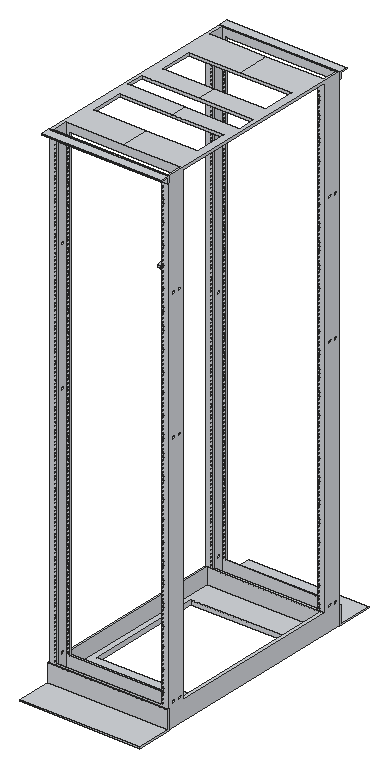
Revit family
Parameters
  Material ID = "760082586"
  Description = "36 IN (914 MM) D x 7 FT (2134 MM) H - 19 IN (482.6 MM) STEEL EQUIPMENT RACK(45U) 3/8 SQ PUNCH, BLACK\r\n"
Reference planes (in)
  plane 1 "Center (Front/Back)": y = 0
  plane 2: z = 0
  plane 3 "Center (Left/Right)": x = 0
Forms (in)
  Extrusion 1, solid, not visible
    sketch origin (0, -14.305, 0) x (1, 0, 0) y (0, 0, 1)
      loop
        line (-8.5516, 0.86) -> (-8.5516, 0.46) -> (-7.9516, 0.46) -> (-7.9516, 0.86) -> (-8.5516, 0.86)
    from 0 to 0.77696
  Extrusion 2, solid
    sketch origin (0, 0, 0) x (1, 0, 0) y (0, 0, 1)
      loop
        line (-10.135, 30) -> (-10.135, -54) -> (10.135, -54) -> (10.135, 30) -> (0, 30) -> (-10.135, 30)
    from 0 to 36
  Extrusion 3, void
    sketch origin (0, 0, 0) x (1, 0, 0) y (0, 0, 1)
      loop
        line (-8.905, 28.735) -> (-8.905, -50.62) -> (8.905, -50.62) -> (8.905, 28.735) -> (-8.905, 28.735)
    from 0 to 36
  Extrusion 4, void
    sketch origin (0, 0, 0) x (0, 1, 0) y (0, 0, 1)
      loop
        line (-3, 29.59068) -> (-33, 29.59068) -> (-33, -50.62) -> (-3, -50.62) -> (-3, 29.59068)
    from -31.70377 to 25
  Extrusion 5, void
    sketch origin (0, 0, 0) x (0, 1, 0) y (0, 0, 1)
      loop
        line (-0.2, 59.72052) -> (-2.8, 59.72052) -> (-2.8, -66.46573) -> (-0.2, -66.46573) -> (-0.2, 59.72052)
    from -9.61605 to 9.71756
  Extrusion 6, void
    sketch origin (0, -36, 0) x (0, -1, 0) y (0, 0, -1)
      loop
        line (-0.2, -59.72052) -> (-0.2, 63.44959) -> (-2.8, 63.44959) -> (-2.8, -59.72052) -> (-0.2, -59.72052)
    from -9.61605 to 9.71756
  Extrusion 7, solid
    sketch origin (0, 0, -24) x (0, 1, 0) y (0, 0, 1)
      loop
        line (-36, -30) -> (-36, -26.8) -> (-36.2, -26.8) -> (-36.2, -29.8) -> (-42.2, -29.8) -> (-42.2, -30) -> (-36, -30)
      loop
        line (-36, 54) -> (-37.575, 54) -> (-37.575, 53.8) -> (-36.2, 53.8) -> (-36.2, 52.94396) -> (-36, 52.94396) -> (-36, 54)
      loop
        line (0, 54) -> (0, 52.94396) -> (0.2, 52.94396) -> (0.2, 53.8) -> (1.575, 53.8) -> (1.575, 54) -> (0, 54)
      loop
        line (0, -30) -> (6.2, -30) -> (6.2, -29.8) -> (0.2, -29.8) -> (0.2, -26.8) -> (0, -26.8) -> (0, -30)
    from -10.155 to 10.155
  Extrusion 8, void
    sketch origin (0, 0, 0) x (1, 0, 0) y (0, 1, 0)
      loop
        line (8.81573, -8.40622) -> (-8.68427, -8.40622) -> (-8.68427, -13.90622) -> (8.81573, -13.90622) -> (8.81573, -8.40622)
      loop
        line (9.39397, -17.07974) -> (-9.60603, -17.07974) -> (-9.60603, -20.07974) -> (9.39397, -20.07974) -> (9.39397, -17.07974)
      loop
        line (8.81573, -22.79784) -> (-8.68427, -22.79784) -> (-8.68427, -28.29784) -> (8.81573, -28.29784) -> (8.81573, -22.79784)
    from 42.36078 to 15.5979
  Extrusion 9, void
    sketch origin (0, 0, 0) x (1, 0, 0) y (0, 1, 0)
      loop
        line (8.74608, -27.71462) -> (8.74608, -7.71462) -> (-8.75392, -7.71462) -> (-8.75392, -27.71462) -> (8.74608, -27.71462)
    from -63.44959 to 12
  Extrusion 10, void
    sketch origin (0, 0, 0) x (0, 1, 0) y (0, 0, 1)
      loop
        circle (-33.875, -50) r 0.335
      loop
        circle (-35.125, -50) r 0.335
      loop
        circle (-33.875, -10) r 0.335
      loop
        circle (-35.125, -10) r 0.335
      loop
        circle (-33.875, 12) r 0.335
      loop
        circle (-35.125, 12) r 0.335
      loop
        circle (-33.875, 51) r 0.335
      loop
        circle (-35.125, 51) r 0.335
      loop
        circle (-0.875, -50) r 0.335
      loop
        circle (-2.125, -50) r 0.335
      loop
        circle (-0.875, -10) r 0.335
      loop
        circle (-2.125, -10) r 0.335
      loop
        circle (-0.875, 12) r 0.335
      loop
        circle (-2.125, 12) r 0.335
      loop
        circle (-0.875, 51) r 0.335
      loop
        circle (-2.125, 51) r 0.335
    from -24.88707 to 25.18322
  Extrusion 11, void
    sketch origin (0, 0, 0) x (1, 0, 0) y (0, 1, 0)
      loop
        line (-9.68285, -32.8) -> (9.56715, -32.8) -> (9.56715, -3.2) -> (-9.68285, -3.2) -> (-9.68285, -32.8)
    from -53.24657 to -47.40534
  Extrusion 12, void
    sketch origin (0, 0, -24.5) x (1, 0, 0) y (0, 0, 1)
      loop
        line (-9.175, 52.604) -> (-9.264, 52.604) -> (-9.264, 52.515) -> (-9.264, 52.426) -> (-9.175, 52.426) -> (-9.086, 52.426) -> (-9.086, 52.604) -> (-9.175, 52.604)
      loop
        line (-9.175, 51.979) -> (-9.264, 51.979) -> (-9.264, 51.89) -> (-9.264, 51.801) -> (-9.175, 51.801) -> (-9.086, 51.801) -> (-9.086, 51.979) -> (-9.175, 51.979)
      loop
        line (-9.175, 51.354) -> (-9.264, 51.354) -> (-9.264, 51.265) -> (-9.264, 51.176) -> (-9.175, 51.176) -> (-9.086, 51.176) -> (-9.086, 51.354) -> (-9.175, 51.354)
      loop
        line (9.175, 52.604) -> (9.086, 52.604) -> (9.086, 52.426) -> (9.175, 52.426) -> (9.264, 52.426) -> (9.264, 52.515) -> (9.264, 52.604) -> (9.175, 52.604)
      loop
        line (9.175, 51.979) -> (9.086, 51.979) -> (9.086, 51.801) -> (9.175, 51.801) -> (9.264, 51.801) -> (9.264, 51.89) -> (9.264, 51.979) -> (9.175, 51.979)
      loop
        line (9.175, 51.354) -> (9.086, 51.354) -> (9.086, 51.176) -> (9.175, 51.176) -> (9.264, 51.176) -> (9.264, 51.265) -> (9.264, 51.354) -> (9.175, 51.354)
    from 0 to 36
  Extrusion 13, void
    sketch origin (0, 0, -28) x (1, 0, 0) y (0, 0, 1)
      loop
        circle (-9.175, 52.515) r 0.089
      loop
        circle (-9.175, 51.89) r 0.089
      loop
        circle (-9.175, 51.265) r 0.089
      loop
        circle (9.175, 52.515) r 0.089
      loop
        circle (9.175, 51.89) r 0.089
      loop
        circle (9.175, 51.265) r 0.089
    from 0 to 36
  Extrusion 14, void
    sketch origin (0, 0, -29.75) x (1, 0, 0) y (0, 0, 1)
      loop
        circle (-9.175, 52.515) r 0.089
      loop
        circle (-9.175, 51.89) r 0.089
      loop
        circle (-9.175, 51.265) r 0.089
      loop
        circle (9.175, 52.515) r 0.089
      loop
        circle (9.175, 51.89) r 0.089
      loop
        circle (9.175, 51.265) r 0.089
    from 0 to 36
  Extrusion 15, void
    sketch origin (0, 0, -31.5) x (1, 0, 0) y (0, 0, 1)
      loop
        circle (-9.175, 52.515) r 0.089
      loop
        circle (-9.175, 51.89) r 0.089
      loop
        circle (-9.175, 51.265) r 0.089
      loop
        circle (9.175, 52.515) r 0.089
      loop
        circle (9.175, 51.89) r 0.089
      loop
        circle (9.175, 51.265) r 0.089
    from 0 to 36
  Extrusion 16, void
    sketch origin (0, 0, -33.25) x (1, 0, 0) y (0, 0, 1)
      loop
        circle (-9.175, 52.515) r 0.089
      loop
        circle (-9.175, 51.89) r 0.089
      loop
        circle (-9.175, 51.265) r 0.089
      loop
        circle (9.175, 52.515) r 0.089
      loop
        circle (9.175, 51.89) r 0.089
      loop
        circle (9.175, 51.265) r 0.089
    from 0 to 36
  Extrusion 17, void
    sketch origin (0, 0, -35) x (1, 0, 0) y (0, 0, 1)
      loop
        circle (-9.175, 52.515) r 0.089
      loop
        circle (-9.175, 51.89) r 0.089
      loop
        circle (-9.175, 51.265) r 0.089
      loop
        circle (9.175, 52.515) r 0.089
      loop
        circle (9.175, 51.89) r 0.089
      loop
        circle (9.175, 51.265) r 0.089
    from 0 to 36
  Extrusion 18, void
    sketch origin (0, 0, -36.75) x (1, 0, 0) y (0, 0, 1)
      loop
        circle (-9.175, 52.515) r 0.089
      loop
        circle (-9.175, 51.89) r 0.089
      loop
        circle (-9.175, 51.265) r 0.089
      loop
        circle (9.175, 52.515) r 0.089
      loop
        circle (9.175, 51.89) r 0.089
      loop
        circle (9.175, 51.265) r 0.089
    from 0 to 36
  Extrusion 19, void
    sketch origin (0, 0, -38.5) x (1, 0, 0) y (0, 0, 1)
      loop
        circle (-9.175, 52.515) r 0.089
      loop
        circle (-9.175, 51.89) r 0.089
      loop
        circle (-9.175, 51.265) r 0.089
      loop
        circle (9.175, 52.515) r 0.089
      loop
        circle (9.175, 51.89) r 0.089
      loop
        circle (9.175, 51.265) r 0.089
    from 0 to 36
  Extrusion 20, void
    sketch origin (0, 0, -40.25) x (1, 0, 0) y (0, 0, 1)
      loop
        circle (-9.175, 52.515) r 0.089
      loop
        circle (-9.175, 51.89) r 0.089
      loop
        circle (-9.175, 51.265) r 0.089
      loop
        circle (9.175, 52.515) r 0.089
      loop
        circle (9.175, 51.89) r 0.089
      loop
        circle (9.175, 51.265) r 0.089
    from 0 to 36
  Extrusion 21, void
    sketch origin (0, 0, -42) x (1, 0, 0) y (0, 0, 1)
      loop
        circle (-9.175, 52.515) r 0.089
      loop
        circle (-9.175, 51.89) r 0.089
      loop
        circle (-9.175, 51.265) r 0.089
      loop
        circle (9.175, 52.515) r 0.089
      loop
        circle (9.175, 51.89) r 0.089
      loop
        circle (9.175, 51.265) r 0.089
    from 0 to 36
  Extrusion 22, void
    sketch origin (0, 0, -43.75) x (1, 0, 0) y (0, 0, 1)
      loop
        circle (-9.175, 52.515) r 0.089
      loop
        circle (-9.175, 51.89) r 0.089
      loop
        circle (-9.175, 51.265) r 0.089
      loop
        circle (9.175, 52.515) r 0.089
      loop
        circle (9.175, 51.89) r 0.089
      loop
        circle (9.175, 51.265) r 0.089
    from 0 to 36
  Extrusion 23, void
    sketch origin (0, 0, -45.5) x (1, 0, 0) y (0, 0, 1)
      loop
        circle (-9.175, 52.515) r 0.089
      loop
        circle (-9.175, 51.89) r 0.089
      loop
        circle (-9.175, 51.265) r 0.089
      loop
        circle (9.175, 52.515) r 0.089
      loop
        circle (9.175, 51.89) r 0.089
      loop
        circle (9.175, 51.265) r 0.089
    from 0 to 36
  Extrusion 24, void
    sketch origin (0, 0, -47.25) x (1, 0, 0) y (0, 0, 1)
      loop
        circle (-9.175, 52.515) r 0.089
      loop
        circle (-9.175, 51.89) r 0.089
      loop
        circle (-9.175, 51.265) r 0.089
      loop
        circle (9.175, 52.515) r 0.089
      loop
        circle (9.175, 51.89) r 0.089
      loop
        circle (9.175, 51.265) r 0.089
    from 0 to 36
  Extrusion 25, void
    sketch origin (0, 0, -49) x (1, 0, 0) y (0, 0, 1)
      loop
        circle (-9.175, 52.515) r 0.089
      loop
        circle (-9.175, 51.89) r 0.089
      loop
        circle (-9.175, 51.265) r 0.089
      loop
        circle (9.175, 52.515) r 0.089
      loop
        circle (9.175, 51.89) r 0.089
      loop
        circle (9.175, 51.265) r 0.089
    from 0 to 36
  Extrusion 26, void
    sketch origin (0, 0, -50.75) x (1, 0, 0) y (0, 0, 1)
      loop
        circle (-9.175, 52.515) r 0.089
      loop
        circle (-9.175, 51.89) r 0.089
      loop
        circle (-9.175, 51.265) r 0.089
      loop
        circle (9.175, 52.515) r 0.089
      loop
        circle (9.175, 51.89) r 0.089
      loop
        circle (9.175, 51.265) r 0.089
    from 0 to 36
  Extrusion 27, void
    sketch origin (0, 0, -52.5) x (1, 0, 0) y (0, 0, 1)
      loop
        circle (-9.175, 52.515) r 0.089
      loop
        circle (-9.175, 51.89) r 0.089
      loop
        circle (-9.175, 51.265) r 0.089
      loop
        circle (9.175, 52.515) r 0.089
      loop
        circle (9.175, 51.89) r 0.089
      loop
        circle (9.175, 51.265) r 0.089
    from 0 to 36
  Extrusion 28, void
    sketch origin (0, 0, -54.25) x (1, 0, 0) y (0, 0, 1)
      loop
        circle (-9.175, 52.515) r 0.089
      loop
        circle (-9.175, 51.89) r 0.089
      loop
        circle (-9.175, 51.265) r 0.089
      loop
        circle (9.175, 52.515) r 0.089
      loop
        circle (9.175, 51.89) r 0.089
      loop
        circle (9.175, 51.265) r 0.089
    from 0 to 36
  Extrusion 29, void
    sketch origin (0, 0, -56) x (1, 0, 0) y (0, 0, 1)
      loop
        circle (-9.175, 52.515) r 0.089
      loop
        circle (-9.175, 51.89) r 0.089
      loop
        circle (-9.175, 51.265) r 0.089
      loop
        circle (9.175, 52.515) r 0.089
      loop
        circle (9.175, 51.89) r 0.089
      loop
        circle (9.175, 51.265) r 0.089
    from 0 to 36
  Extrusion 30, void
    sketch origin (0, 0, -57.75) x (1, 0, 0) y (0, 0, 1)
      loop
        circle (-9.175, 52.515) r 0.089
      loop
        circle (-9.175, 51.89) r 0.089
      loop
        circle (-9.175, 51.265) r 0.089
      loop
        circle (9.175, 52.515) r 0.089
      loop
        circle (9.175, 51.89) r 0.089
      loop
        circle (9.175, 51.265) r 0.089
    from 0 to 36
  Extrusion 31, void
    sketch origin (0, 0, -59.5) x (1, 0, 0) y (0, 0, 1)
      loop
        circle (-9.175, 52.515) r 0.089
      loop
        circle (-9.175, 51.89) r 0.089
      loop
        circle (-9.175, 51.265) r 0.089
      loop
        circle (9.175, 52.515) r 0.089
      loop
        circle (9.175, 51.89) r 0.089
      loop
        circle (9.175, 51.265) r 0.089
    from 0 to 36
  Extrusion 32, void
    sketch origin (0, 0, -61.25) x (1, 0, 0) y (0, 0, 1)
      loop
        circle (-9.175, 52.515) r 0.089
      loop
        circle (-9.175, 51.89) r 0.089
      loop
        circle (-9.175, 51.265) r 0.089
      loop
        circle (9.175, 52.515) r 0.089
      loop
        circle (9.175, 51.89) r 0.089
      loop
        circle (9.175, 51.265) r 0.089
    from 0 to 36
  Extrusion 33, void
    sketch origin (0, 0, -63) x (1, 0, 0) y (0, 0, 1)
      loop
        circle (-9.175, 52.515) r 0.089
      loop
        circle (-9.175, 51.89) r 0.089
      loop
        circle (-9.175, 51.265) r 0.089
      loop
        circle (9.175, 52.515) r 0.089
      loop
        circle (9.175, 51.89) r 0.089
      loop
        circle (9.175, 51.265) r 0.089
    from 0 to 36
  Extrusion 34, void
    sketch origin (0, 0, -64.75) x (1, 0, 0) y (0, 0, 1)
      loop
        circle (-9.175, 52.515) r 0.089
      loop
        circle (-9.175, 51.89) r 0.089
      loop
        circle (-9.175, 51.265) r 0.089
      loop
        circle (9.175, 52.515) r 0.089
      loop
        circle (9.175, 51.89) r 0.089
      loop
        circle (9.175, 51.265) r 0.089
    from 0 to 36
  Extrusion 35, void
    sketch origin (0, 0, -66.5) x (1, 0, 0) y (0, 0, 1)
      loop
        circle (-9.175, 52.515) r 0.089
      loop
        circle (-9.175, 51.89) r 0.089
      loop
        circle (-9.175, 51.265) r 0.089
      loop
        circle (9.175, 52.515) r 0.089
      loop
        circle (9.175, 51.89) r 0.089
      loop
        circle (9.175, 51.265) r 0.089
    from 0 to 36
  Extrusion 36, void
    sketch origin (0, 0, -68.25) x (1, 0, 0) y (0, 0, 1)
      loop
        circle (-9.175, 52.515) r 0.089
      loop
        circle (-9.175, 51.89) r 0.089
      loop
        circle (-9.175, 51.265) r 0.089
      loop
        circle (9.175, 52.515) r 0.089
      loop
        circle (9.175, 51.89) r 0.089
      loop
        circle (9.175, 51.265) r 0.089
    from 0 to 36
  Extrusion 37, void
    sketch origin (0, 0, -70) x (1, 0, 0) y (0, 0, 1)
      loop
        circle (-9.175, 52.515) r 0.089
      loop
        circle (-9.175, 51.89) r 0.089
      loop
        circle (-9.175, 51.265) r 0.089
      loop
        circle (9.175, 52.515) r 0.089
      loop
        circle (9.175, 51.89) r 0.089
      loop
        circle (9.175, 51.265) r 0.089
    from 0 to 36
  Extrusion 38, void
    sketch origin (0, 0, -71.75) x (1, 0, 0) y (0, 0, 1)
      loop
        circle (-9.175, 52.515) r 0.089
      loop
        circle (-9.175, 51.89) r 0.089
      loop
        circle (-9.175, 51.265) r 0.089
      loop
        circle (9.175, 52.515) r 0.089
      loop
        circle (9.175, 51.89) r 0.089
      loop
        circle (9.175, 51.265) r 0.089
    from 0 to 36
  Extrusion 39, void
    sketch origin (0, 0, -73.5) x (1, 0, 0) y (0, 0, 1)
      loop
        circle (-9.175, 52.515) r 0.089
      loop
        circle (-9.175, 51.89) r 0.089
      loop
        circle (-9.175, 51.265) r 0.089
      loop
        circle (9.175, 52.515) r 0.089
      loop
        circle (9.175, 51.89) r 0.089
      loop
        circle (9.175, 51.265) r 0.089
    from 0 to 36
  Extrusion 40, void
    sketch origin (0, 0, -75.25) x (1, 0, 0) y (0, 0, 1)
      loop
        circle (-9.175, 52.515) r 0.089
      loop
        circle (-9.175, 51.89) r 0.089
      loop
        circle (-9.175, 51.265) r 0.089
      loop
        circle (9.175, 52.515) r 0.089
      loop
        circle (9.175, 51.89) r 0.089
      loop
        circle (9.175, 51.265) r 0.089
    from 0 to 36
  Extrusion 41, void
    sketch origin (0, 0, -77) x (1, 0, 0) y (0, 0, 1)
      loop
        circle (-9.175, 52.515) r 0.089
      loop
        circle (-9.175, 51.89) r 0.089
      loop
        circle (-9.175, 51.265) r 0.089
      loop
        circle (9.175, 52.515) r 0.089
      loop
        circle (9.175, 51.89) r 0.089
      loop
        circle (9.175, 51.265) r 0.089
    from 0 to 36
  Extrusion 42, void
    sketch origin (0, 0, -78.75) x (1, 0, 0) y (0, 0, 1)
      loop
        circle (-9.175, 52.515) r 0.089
      loop
        circle (-9.175, 51.89) r 0.089
      loop
        circle (-9.175, 51.265) r 0.089
      loop
        circle (9.175, 52.515) r 0.089
      loop
        circle (9.175, 51.89) r 0.089
      loop
        circle (9.175, 51.265) r 0.089
    from 0 to 36
  Extrusion 43, void
    sketch origin (0, 0, -80.5) x (1, 0, 0) y (0, 0, 1)
      loop
        circle (-9.175, 52.515) r 0.089
      loop
        circle (-9.175, 51.89) r 0.089
      loop
        circle (-9.175, 51.265) r 0.089
      loop
        circle (9.175, 52.515) r 0.089
      loop
        circle (9.175, 51.89) r 0.089
      loop
        circle (9.175, 51.265) r 0.089
    from 0 to 36
  Extrusion 44, void
    sketch origin (0, 0, -82.25) x (1, 0, 0) y (0, 0, 1)
      loop
        circle (-9.175, 52.515) r 0.089
      loop
        circle (-9.175, 51.89) r 0.089
      loop
        circle (-9.175, 51.265) r 0.089
      loop
        circle (9.175, 52.515) r 0.089
      loop
        circle (9.175, 51.89) r 0.089
      loop
        circle (9.175, 51.265) r 0.089
    from 0 to 36
  Extrusion 45, void
    sketch origin (0, 0, -84) x (1, 0, 0) y (0, 0, 1)
      loop
        circle (-9.175, 52.515) r 0.089
      loop
        circle (-9.175, 51.89) r 0.089
      loop
        circle (-9.175, 51.265) r 0.089
      loop
        circle (9.175, 52.515) r 0.089
      loop
        circle (9.175, 51.89) r 0.089
      loop
        circle (9.175, 51.265) r 0.089
    from 0 to 36
  Extrusion 46, void
    sketch origin (0, 0, -85.75) x (1, 0, 0) y (0, 0, 1)
      loop
        circle (-9.175, 52.515) r 0.089
      loop
        circle (-9.175, 51.89) r 0.089
      loop
        circle (-9.175, 51.265) r 0.089
      loop
        circle (9.175, 52.515) r 0.089
      loop
        circle (9.175, 51.89) r 0.089
      loop
        circle (9.175, 51.265) r 0.089
    from 0 to 36
  Extrusion 47, void
    sketch origin (0, 0, -87.5) x (1, 0, 0) y (0, 0, 1)
      loop
        circle (-9.175, 52.515) r 0.089
      loop
        circle (-9.175, 51.89) r 0.089
      loop
        circle (-9.175, 51.265) r 0.089
      loop
        circle (9.175, 52.515) r 0.089
      loop
        circle (9.175, 51.89) r 0.089
      loop
        circle (9.175, 51.265) r 0.089
    from 0 to 36
  Extrusion 48, void
    sketch origin (0, 0, -89.25) x (1, 0, 0) y (0, 0, 1)
      loop
        circle (-9.175, 52.515) r 0.089
      loop
        circle (-9.175, 51.89) r 0.089
      loop
        circle (-9.175, 51.265) r 0.089
      loop
        circle (9.175, 52.515) r 0.089
      loop
        circle (9.175, 51.89) r 0.089
      loop
        circle (9.175, 51.265) r 0.089
    from 0 to 36
  Extrusion 49, void
    sketch origin (0, 0, -91) x (1, 0, 0) y (0, 0, 1)
      loop
        circle (-9.175, 52.515) r 0.089
      loop
        circle (-9.175, 51.89) r 0.089
      loop
        circle (-9.175, 51.265) r 0.089
      loop
        circle (9.175, 52.515) r 0.089
      loop
        circle (9.175, 51.89) r 0.089
      loop
        circle (9.175, 51.265) r 0.089
    from 0 to 36
  Extrusion 50, void
    sketch origin (0, 0, -92.75) x (1, 0, 0) y (0, 0, 1)
      loop
        circle (-9.175, 52.515) r 0.089
      loop
        circle (-9.175, 51.89) r 0.089
      loop
        circle (-9.175, 51.265) r 0.089
      loop
        circle (9.175, 52.515) r 0.089
      loop
        circle (9.175, 51.89) r 0.089
      loop
        circle (9.175, 51.265) r 0.089
    from 0 to 36
  Extrusion 51, void
    sketch origin (0, 0, -94.5) x (1, 0, 0) y (0, 0, 1)
      loop
        circle (-9.175, 52.515) r 0.089
      loop
        circle (-9.175, 51.89) r 0.089
      loop
        circle (-9.175, 51.265) r 0.089
      loop
        circle (9.175, 52.515) r 0.089
      loop
        circle (9.175, 51.89) r 0.089
      loop
        circle (9.175, 51.265) r 0.089
    from 0 to 36
  Extrusion 52, void
    sketch origin (0, 0, -96.25) x (1, 0, 0) y (0, 0, 1)
      loop
        circle (-9.175, 52.515) r 0.089
      loop
        circle (-9.175, 51.89) r 0.089
      loop
        circle (-9.175, 51.265) r 0.089
      loop
        circle (9.175, 52.515) r 0.089
      loop
        circle (9.175, 51.89) r 0.089
      loop
        circle (9.175, 51.265) r 0.089
    from 0 to 36
  Extrusion 53, void
    sketch origin (0, 0, -98) x (1, 0, 0) y (0, 0, 1)
      loop
        circle (-9.175, 52.515) r 0.089
      loop
        circle (-9.175, 51.89) r 0.089
      loop
        circle (-9.175, 51.265) r 0.089
      loop
        circle (9.175, 52.515) r 0.089
      loop
        circle (9.175, 51.89) r 0.089
      loop
        circle (9.175, 51.265) r 0.089
    from 0 to 36
  Extrusion 54, void
    sketch origin (0, 0, -99.75) x (1, 0, 0) y (0, 0, 1)
      loop
        circle (-9.175, 52.515) r 0.089
      loop
        circle (-9.175, 51.89) r 0.089
      loop
        circle (-9.175, 51.265) r 0.089
      loop
        circle (9.175, 52.515) r 0.089
      loop
        circle (9.175, 51.89) r 0.089
      loop
        circle (9.175, 51.265) r 0.089
    from 0 to 36
  Extrusion 55, void
    sketch origin (0, 0, -101.5) x (1, 0, 0) y (0, 0, 1)
      loop
        circle (-9.175, 52.515) r 0.089
      loop
        circle (-9.175, 51.89) r 0.089
      loop
        circle (-9.175, 51.265) r 0.089
      loop
        circle (9.175, 52.515) r 0.089
      loop
        circle (9.175, 51.89) r 0.089
      loop
        circle (9.175, 51.265) r 0.089
    from 0 to 36
  Extrusion 56, void
    sketch origin (0, 0, -26.25) x (1, 0, 0) y (0, 0, 1)
      loop
        line (-9.175, 52.604) -> (-9.264, 52.604) -> (-9.264, 52.515) -> (-9.264, 52.426) -> (-9.175, 52.426) -> (-9.086, 52.426) -> (-9.086, 52.604) -> (-9.175, 52.604)
      loop
        line (-9.175, 51.979) -> (-9.264, 51.979) -> (-9.264, 51.89) -> (-9.264, 51.801) -> (-9.175, 51.801) -> (-9.086, 51.801) -> (-9.086, 51.979) -> (-9.175, 51.979)
      loop
        line (-9.175, 51.354) -> (-9.264, 51.354) -> (-9.264, 51.265) -> (-9.264, 51.176) -> (-9.175, 51.176) -> (-9.086, 51.176) -> (-9.086, 51.354) -> (-9.175, 51.354)
      loop
        line (9.175, 52.604) -> (9.086, 52.604) -> (9.086, 52.426) -> (9.175, 52.426) -> (9.264, 52.426) -> (9.264, 52.515) -> (9.264, 52.604) -> (9.175, 52.604)
      loop
        line (9.175, 51.979) -> (9.086, 51.979) -> (9.086, 51.801) -> (9.175, 51.801) -> (9.264, 51.801) -> (9.264, 51.89) -> (9.264, 51.979) -> (9.175, 51.979)
      loop
        line (9.175, 51.354) -> (9.086, 51.354) -> (9.086, 51.176) -> (9.175, 51.176) -> (9.264, 51.176) -> (9.264, 51.265) -> (9.264, 51.354) -> (9.175, 51.354)
    from 0 to 36
  Extrusion 57, void
    sketch origin (0, 0, -28) x (1, 0, 0) y (0, 0, 1)
      loop
        line (-9.175, 52.604) -> (-9.264, 52.604) -> (-9.264, 52.515) -> (-9.264, 52.426) -> (-9.175, 52.426) -> (-9.086, 52.426) -> (-9.086, 52.604) -> (-9.175, 52.604)
      loop
        line (-9.175, 51.979) -> (-9.264, 51.979) -> (-9.264, 51.89) -> (-9.264, 51.801) -> (-9.175, 51.801) -> (-9.086, 51.801) -> (-9.086, 51.979) -> (-9.175, 51.979)
      loop
        line (-9.175, 51.354) -> (-9.264, 51.354) -> (-9.264, 51.265) -> (-9.264, 51.176) -> (-9.175, 51.176) -> (-9.086, 51.176) -> (-9.086, 51.354) -> (-9.175, 51.354)
      loop
        line (9.175, 52.604) -> (9.086, 52.604) -> (9.086, 52.426) -> (9.175, 52.426) -> (9.264, 52.426) -> (9.264, 52.515) -> (9.264, 52.604) -> (9.175, 52.604)
      loop
        line (9.175, 51.979) -> (9.086, 51.979) -> (9.086, 51.801) -> (9.175, 51.801) -> (9.264, 51.801) -> (9.264, 51.89) -> (9.264, 51.979) -> (9.175, 51.979)
      loop
        line (9.175, 51.354) -> (9.086, 51.354) -> (9.086, 51.176) -> (9.175, 51.176) -> (9.264, 51.176) -> (9.264, 51.265) -> (9.264, 51.354) -> (9.175, 51.354)
    from 0 to 36
  Extrusion 58, void
    sketch origin (0, 0, -29.75) x (1, 0, 0) y (0, 0, 1)
      loop
        line (-9.175, 52.604) -> (-9.264, 52.604) -> (-9.264, 52.515) -> (-9.264, 52.426) -> (-9.175, 52.426) -> (-9.086, 52.426) -> (-9.086, 52.604) -> (-9.175, 52.604)
      loop
        line (-9.175, 51.979) -> (-9.264, 51.979) -> (-9.264, 51.89) -> (-9.264, 51.801) -> (-9.175, 51.801) -> (-9.086, 51.801) -> (-9.086, 51.979) -> (-9.175, 51.979)
      loop
        line (-9.175, 51.354) -> (-9.264, 51.354) -> (-9.264, 51.265) -> (-9.264, 51.176) -> (-9.175, 51.176) -> (-9.086, 51.176) -> (-9.086, 51.354) -> (-9.175, 51.354)
      loop
        line (9.175, 52.604) -> (9.086, 52.604) -> (9.086, 52.426) -> (9.175, 52.426) -> (9.264, 52.426) -> (9.264, 52.515) -> (9.264, 52.604) -> (9.175, 52.604)
      loop
        line (9.175, 51.979) -> (9.086, 51.979) -> (9.086, 51.801) -> (9.175, 51.801) -> (9.264, 51.801) -> (9.264, 51.89) -> (9.264, 51.979) -> (9.175, 51.979)
      loop
        line (9.175, 51.354) -> (9.086, 51.354) -> (9.086, 51.176) -> (9.175, 51.176) -> (9.264, 51.176) -> (9.264, 51.265) -> (9.264, 51.354) -> (9.175, 51.354)
    from 0 to 36
  Extrusion 59, void
    sketch origin (0, 0, -31.5) x (1, 0, 0) y (0, 0, 1)
      loop
        line (-9.175, 52.604) -> (-9.264, 52.604) -> (-9.264, 52.515) -> (-9.264, 52.426) -> (-9.175, 52.426) -> (-9.086, 52.426) -> (-9.086, 52.604) -> (-9.175, 52.604)
      loop
        line (-9.175, 51.979) -> (-9.264, 51.979) -> (-9.264, 51.89) -> (-9.264, 51.801) -> (-9.175, 51.801) -> (-9.086, 51.801) -> (-9.086, 51.979) -> (-9.175, 51.979)
      loop
        line (-9.175, 51.354) -> (-9.264, 51.354) -> (-9.264, 51.265) -> (-9.264, 51.176) -> (-9.175, 51.176) -> (-9.086, 51.176) -> (-9.086, 51.354) -> (-9.175, 51.354)
      loop
        line (9.175, 52.604) -> (9.086, 52.604) -> (9.086, 52.426) -> (9.175, 52.426) -> (9.264, 52.426) -> (9.264, 52.515) -> (9.264, 52.604) -> (9.175, 52.604)
      loop
        line (9.175, 51.979) -> (9.086, 51.979) -> (9.086, 51.801) -> (9.175, 51.801) -> (9.264, 51.801) -> (9.264, 51.89) -> (9.264, 51.979) -> (9.175, 51.979)
      loop
        line (9.175, 51.354) -> (9.086, 51.354) -> (9.086, 51.176) -> (9.175, 51.176) -> (9.264, 51.176) -> (9.264, 51.265) -> (9.264, 51.354) -> (9.175, 51.354)
    from 0 to 36
  Extrusion 60, void
    sketch origin (0, 0, -33.25) x (1, 0, 0) y (0, 0, 1)
      loop
        line (-9.175, 52.604) -> (-9.264, 52.604) -> (-9.264, 52.515) -> (-9.264, 52.426) -> (-9.175, 52.426) -> (-9.086, 52.426) -> (-9.086, 52.604) -> (-9.175, 52.604)
      loop
        line (-9.175, 51.979) -> (-9.264, 51.979) -> (-9.264, 51.89) -> (-9.264, 51.801) -> (-9.175, 51.801) -> (-9.086, 51.801) -> (-9.086, 51.979) -> (-9.175, 51.979)
      loop
        line (-9.175, 51.354) -> (-9.264, 51.354) -> (-9.264, 51.265) -> (-9.264, 51.176) -> (-9.175, 51.176) -> (-9.086, 51.176) -> (-9.086, 51.354) -> (-9.175, 51.354)
      loop
        line (9.175, 52.604) -> (9.086, 52.604) -> (9.086, 52.426) -> (9.175, 52.426) -> (9.264, 52.426) -> (9.264, 52.515) -> (9.264, 52.604) -> (9.175, 52.604)
      loop
        line (9.175, 51.979) -> (9.086, 51.979) -> (9.086, 51.801) -> (9.175, 51.801) -> (9.264, 51.801) -> (9.264, 51.89) -> (9.264, 51.979) -> (9.175, 51.979)
      loop
        line (9.175, 51.354) -> (9.086, 51.354) -> (9.086, 51.176) -> (9.175, 51.176) -> (9.264, 51.176) -> (9.264, 51.265) -> (9.264, 51.354) -> (9.175, 51.354)
    from 0 to 36
  Extrusion 61, void
    sketch origin (0, 0, -35) x (1, 0, 0) y (0, 0, 1)
      loop
        line (-9.175, 52.604) -> (-9.264, 52.604) -> (-9.264, 52.515) -> (-9.264, 52.426) -> (-9.175, 52.426) -> (-9.086, 52.426) -> (-9.086, 52.604) -> (-9.175, 52.604)
      loop
        line (-9.175, 51.979) -> (-9.264, 51.979) -> (-9.264, 51.89) -> (-9.264, 51.801) -> (-9.175, 51.801) -> (-9.086, 51.801) -> (-9.086, 51.979) -> (-9.175, 51.979)
      loop
        line (-9.175, 51.354) -> (-9.264, 51.354) -> (-9.264, 51.265) -> (-9.264, 51.176) -> (-9.175, 51.176) -> (-9.086, 51.176) -> (-9.086, 51.354) -> (-9.175, 51.354)
      loop
        line (9.175, 52.604) -> (9.086, 52.604) -> (9.086, 52.426) -> (9.175, 52.426) -> (9.264, 52.426) -> (9.264, 52.515) -> (9.264, 52.604) -> (9.175, 52.604)
      loop
        line (9.175, 51.979) -> (9.086, 51.979) -> (9.086, 51.801) -> (9.175, 51.801) -> (9.264, 51.801) -> (9.264, 51.89) -> (9.264, 51.979) -> (9.175, 51.979)
      loop
        line (9.175, 51.354) -> (9.086, 51.354) -> (9.086, 51.176) -> (9.175, 51.176) -> (9.264, 51.176) -> (9.264, 51.265) -> (9.264, 51.354) -> (9.175, 51.354)
    from 0 to 36
  Extrusion 62, void
    sketch origin (0, 0, -36.75) x (1, 0, 0) y (0, 0, 1)
      loop
        line (-9.175, 52.604) -> (-9.264, 52.604) -> (-9.264, 52.515) -> (-9.264, 52.426) -> (-9.175, 52.426) -> (-9.086, 52.426) -> (-9.086, 52.604) -> (-9.175, 52.604)
      loop
        line (-9.175, 51.979) -> (-9.264, 51.979) -> (-9.264, 51.89) -> (-9.264, 51.801) -> (-9.175, 51.801) -> (-9.086, 51.801) -> (-9.086, 51.979) -> (-9.175, 51.979)
      loop
        line (-9.175, 51.354) -> (-9.264, 51.354) -> (-9.264, 51.265) -> (-9.264, 51.176) -> (-9.175, 51.176) -> (-9.086, 51.176) -> (-9.086, 51.354) -> (-9.175, 51.354)
      loop
        line (9.175, 52.604) -> (9.086, 52.604) -> (9.086, 52.426) -> (9.175, 52.426) -> (9.264, 52.426) -> (9.264, 52.515) -> (9.264, 52.604) -> (9.175, 52.604)
      loop
        line (9.175, 51.979) -> (9.086, 51.979) -> (9.086, 51.801) -> (9.175, 51.801) -> (9.264, 51.801) -> (9.264, 51.89) -> (9.264, 51.979) -> (9.175, 51.979)
      loop
        line (9.175, 51.354) -> (9.086, 51.354) -> (9.086, 51.176) -> (9.175, 51.176) -> (9.264, 51.176) -> (9.264, 51.265) -> (9.264, 51.354) -> (9.175, 51.354)
    from 0 to 36
  Extrusion 63, void
    sketch origin (0, 0, -38.5) x (1, 0, 0) y (0, 0, 1)
      loop
        line (-9.175, 52.604) -> (-9.264, 52.604) -> (-9.264, 52.515) -> (-9.264, 52.426) -> (-9.175, 52.426) -> (-9.086, 52.426) -> (-9.086, 52.604) -> (-9.175, 52.604)
      loop
        line (-9.175, 51.979) -> (-9.264, 51.979) -> (-9.264, 51.89) -> (-9.264, 51.801) -> (-9.175, 51.801) -> (-9.086, 51.801) -> (-9.086, 51.979) -> (-9.175, 51.979)
      loop
        line (-9.175, 51.354) -> (-9.264, 51.354) -> (-9.264, 51.265) -> (-9.264, 51.176) -> (-9.175, 51.176) -> (-9.086, 51.176) -> (-9.086, 51.354) -> (-9.175, 51.354)
      loop
        line (9.175, 52.604) -> (9.086, 52.604) -> (9.086, 52.426) -> (9.175, 52.426) -> (9.264, 52.426) -> (9.264, 52.515) -> (9.264, 52.604) -> (9.175, 52.604)
      loop
        line (9.175, 51.979) -> (9.086, 51.979) -> (9.086, 51.801) -> (9.175, 51.801) -> (9.264, 51.801) -> (9.264, 51.89) -> (9.264, 51.979) -> (9.175, 51.979)
      loop
        line (9.175, 51.354) -> (9.086, 51.354) -> (9.086, 51.176) -> (9.175, 51.176) -> (9.264, 51.176) -> (9.264, 51.265) -> (9.264, 51.354) -> (9.175, 51.354)
    from 0 to 36
  Extrusion 64, void
    sketch origin (0, 0, -40.25) x (1, 0, 0) y (0, 0, 1)
      loop
        line (-9.175, 52.604) -> (-9.264, 52.604) -> (-9.264, 52.515) -> (-9.264, 52.426) -> (-9.175, 52.426) -> (-9.086, 52.426) -> (-9.086, 52.604) -> (-9.175, 52.604)
      loop
        line (-9.175, 51.979) -> (-9.264, 51.979) -> (-9.264, 51.89) -> (-9.264, 51.801) -> (-9.175, 51.801) -> (-9.086, 51.801) -> (-9.086, 51.979) -> (-9.175, 51.979)
      loop
        line (-9.175, 51.354) -> (-9.264, 51.354) -> (-9.264, 51.265) -> (-9.264, 51.176) -> (-9.175, 51.176) -> (-9.086, 51.176) -> (-9.086, 51.354) -> (-9.175, 51.354)
      loop
        line (9.175, 52.604) -> (9.086, 52.604) -> (9.086, 52.426) -> (9.175, 52.426) -> (9.264, 52.426) -> (9.264, 52.515) -> (9.264, 52.604) -> (9.175, 52.604)
      loop
        line (9.175, 51.979) -> (9.086, 51.979) -> (9.086, 51.801) -> (9.175, 51.801) -> (9.264, 51.801) -> (9.264, 51.89) -> (9.264, 51.979) -> (9.175, 51.979)
      loop
        line (9.175, 51.354) -> (9.086, 51.354) -> (9.086, 51.176) -> (9.175, 51.176) -> (9.264, 51.176) -> (9.264, 51.265) -> (9.264, 51.354) -> (9.175, 51.354)
    from 0 to 36
  Extrusion 65, void
    sketch origin (0, 0, -42) x (1, 0, 0) y (0, 0, 1)
      loop
        line (-9.175, 52.604) -> (-9.264, 52.604) -> (-9.264, 52.515) -> (-9.264, 52.426) -> (-9.175, 52.426) -> (-9.086, 52.426) -> (-9.086, 52.604) -> (-9.175, 52.604)
      loop
        line (-9.175, 51.979) -> (-9.264, 51.979) -> (-9.264, 51.89) -> (-9.264, 51.801) -> (-9.175, 51.801) -> (-9.086, 51.801) -> (-9.086, 51.979) -> (-9.175, 51.979)
      loop
        line (-9.175, 51.354) -> (-9.264, 51.354) -> (-9.264, 51.265) -> (-9.264, 51.176) -> (-9.175, 51.176) -> (-9.086, 51.176) -> (-9.086, 51.354) -> (-9.175, 51.354)
      loop
        line (9.175, 52.604) -> (9.086, 52.604) -> (9.086, 52.426) -> (9.175, 52.426) -> (9.264, 52.426) -> (9.264, 52.515) -> (9.264, 52.604) -> (9.175, 52.604)
      loop
        line (9.175, 51.979) -> (9.086, 51.979) -> (9.086, 51.801) -> (9.175, 51.801) -> (9.264, 51.801) -> (9.264, 51.89) -> (9.264, 51.979) -> (9.175, 51.979)
      loop
        line (9.175, 51.354) -> (9.086, 51.354) -> (9.086, 51.176) -> (9.175, 51.176) -> (9.264, 51.176) -> (9.264, 51.265) -> (9.264, 51.354) -> (9.175, 51.354)
    from 0 to 36
  Extrusion 66, void
    sketch origin (0, 0, -43.75) x (1, 0, 0) y (0, 0, 1)
      loop
        line (-9.175, 52.604) -> (-9.264, 52.604) -> (-9.264, 52.515) -> (-9.264, 52.426) -> (-9.175, 52.426) -> (-9.086, 52.426) -> (-9.086, 52.604) -> (-9.175, 52.604)
      loop
        line (-9.175, 51.979) -> (-9.264, 51.979) -> (-9.264, 51.89) -> (-9.264, 51.801) -> (-9.175, 51.801) -> (-9.086, 51.801) -> (-9.086, 51.979) -> (-9.175, 51.979)
      loop
        line (-9.175, 51.354) -> (-9.264, 51.354) -> (-9.264, 51.265) -> (-9.264, 51.176) -> (-9.175, 51.176) -> (-9.086, 51.176) -> (-9.086, 51.354) -> (-9.175, 51.354)
      loop
        line (9.175, 52.604) -> (9.086, 52.604) -> (9.086, 52.426) -> (9.175, 52.426) -> (9.264, 52.426) -> (9.264, 52.515) -> (9.264, 52.604) -> (9.175, 52.604)
      loop
        line (9.175, 51.979) -> (9.086, 51.979) -> (9.086, 51.801) -> (9.175, 51.801) -> (9.264, 51.801) -> (9.264, 51.89) -> (9.264, 51.979) -> (9.175, 51.979)
      loop
        line (9.175, 51.354) -> (9.086, 51.354) -> (9.086, 51.176) -> (9.175, 51.176) -> (9.264, 51.176) -> (9.264, 51.265) -> (9.264, 51.354) -> (9.175, 51.354)
    from 0 to 36
  Extrusion 67, void
    sketch origin (0, 0, -45.5) x (1, 0, 0) y (0, 0, 1)
      loop
        line (-9.175, 52.604) -> (-9.264, 52.604) -> (-9.264, 52.515) -> (-9.264, 52.426) -> (-9.175, 52.426) -> (-9.086, 52.426) -> (-9.086, 52.604) -> (-9.175, 52.604)
      loop
        line (-9.175, 51.979) -> (-9.264, 51.979) -> (-9.264, 51.89) -> (-9.264, 51.801) -> (-9.175, 51.801) -> (-9.086, 51.801) -> (-9.086, 51.979) -> (-9.175, 51.979)
      loop
        line (-9.175, 51.354) -> (-9.264, 51.354) -> (-9.264, 51.265) -> (-9.264, 51.176) -> (-9.175, 51.176) -> (-9.086, 51.176) -> (-9.086, 51.354) -> (-9.175, 51.354)
      loop
        line (9.175, 52.604) -> (9.086, 52.604) -> (9.086, 52.426) -> (9.175, 52.426) -> (9.264, 52.426) -> (9.264, 52.515) -> (9.264, 52.604) -> (9.175, 52.604)
      loop
        line (9.175, 51.979) -> (9.086, 51.979) -> (9.086, 51.801) -> (9.175, 51.801) -> (9.264, 51.801) -> (9.264, 51.89) -> (9.264, 51.979) -> (9.175, 51.979)
      loop
        line (9.175, 51.354) -> (9.086, 51.354) -> (9.086, 51.176) -> (9.175, 51.176) -> (9.264, 51.176) -> (9.264, 51.265) -> (9.264, 51.354) -> (9.175, 51.354)
    from 0 to 36
  Extrusion 68, void
    sketch origin (0, 0, -47.25) x (1, 0, 0) y (0, 0, 1)
      loop
        line (-9.175, 52.604) -> (-9.264, 52.604) -> (-9.264, 52.515) -> (-9.264, 52.426) -> (-9.175, 52.426) -> (-9.086, 52.426) -> (-9.086, 52.604) -> (-9.175, 52.604)
      loop
        line (-9.175, 51.979) -> (-9.264, 51.979) -> (-9.264, 51.89) -> (-9.264, 51.801) -> (-9.175, 51.801) -> (-9.086, 51.801) -> (-9.086, 51.979) -> (-9.175, 51.979)
      loop
        line (-9.175, 51.354) -> (-9.264, 51.354) -> (-9.264, 51.265) -> (-9.264, 51.176) -> (-9.175, 51.176) -> (-9.086, 51.176) -> (-9.086, 51.354) -> (-9.175, 51.354)
      loop
        line (9.175, 52.604) -> (9.086, 52.604) -> (9.086, 52.426) -> (9.175, 52.426) -> (9.264, 52.426) -> (9.264, 52.515) -> (9.264, 52.604) -> (9.175, 52.604)
      loop
        line (9.175, 51.979) -> (9.086, 51.979) -> (9.086, 51.801) -> (9.175, 51.801) -> (9.264, 51.801) -> (9.264, 51.89) -> (9.264, 51.979) -> (9.175, 51.979)
      loop
        line (9.175, 51.354) -> (9.086, 51.354) -> (9.086, 51.176) -> (9.175, 51.176) -> (9.264, 51.176) -> (9.264, 51.265) -> (9.264, 51.354) -> (9.175, 51.354)
    from 0 to 36
  Extrusion 69, void
    sketch origin (0, 0, -49) x (1, 0, 0) y (0, 0, 1)
      loop
        line (-9.175, 52.604) -> (-9.264, 52.604) -> (-9.264, 52.515) -> (-9.264, 52.426) -> (-9.175, 52.426) -> (-9.086, 52.426) -> (-9.086, 52.604) -> (-9.175, 52.604)
      loop
        line (-9.175, 51.979) -> (-9.264, 51.979) -> (-9.264, 51.89) -> (-9.264, 51.801) -> (-9.175, 51.801) -> (-9.086, 51.801) -> (-9.086, 51.979) -> (-9.175, 51.979)
      loop
        line (-9.175, 51.354) -> (-9.264, 51.354) -> (-9.264, 51.265) -> (-9.264, 51.176) -> (-9.175, 51.176) -> (-9.086, 51.176) -> (-9.086, 51.354) -> (-9.175, 51.354)
      loop
        line (9.175, 52.604) -> (9.086, 52.604) -> (9.086, 52.426) -> (9.175, 52.426) -> (9.264, 52.426) -> (9.264, 52.515) -> (9.264, 52.604) -> (9.175, 52.604)
      loop
        line (9.175, 51.979) -> (9.086, 51.979) -> (9.086, 51.801) -> (9.175, 51.801) -> (9.264, 51.801) -> (9.264, 51.89) -> (9.264, 51.979) -> (9.175, 51.979)
      loop
        line (9.175, 51.354) -> (9.086, 51.354) -> (9.086, 51.176) -> (9.175, 51.176) -> (9.264, 51.176) -> (9.264, 51.265) -> (9.264, 51.354) -> (9.175, 51.354)
    from 0 to 36
  Extrusion 70, void
    sketch origin (0, 0, -50.75) x (1, 0, 0) y (0, 0, 1)
      loop
        line (-9.175, 52.604) -> (-9.264, 52.604) -> (-9.264, 52.515) -> (-9.264, 52.426) -> (-9.175, 52.426) -> (-9.086, 52.426) -> (-9.086, 52.604) -> (-9.175, 52.604)
      loop
        line (-9.175, 51.979) -> (-9.264, 51.979) -> (-9.264, 51.89) -> (-9.264, 51.801) -> (-9.175, 51.801) -> (-9.086, 51.801) -> (-9.086, 51.979) -> (-9.175, 51.979)
      loop
        line (-9.175, 51.354) -> (-9.264, 51.354) -> (-9.264, 51.265) -> (-9.264, 51.176) -> (-9.175, 51.176) -> (-9.086, 51.176) -> (-9.086, 51.354) -> (-9.175, 51.354)
      loop
        line (9.175, 52.604) -> (9.086, 52.604) -> (9.086, 52.426) -> (9.175, 52.426) -> (9.264, 52.426) -> (9.264, 52.515) -> (9.264, 52.604) -> (9.175, 52.604)
      loop
        line (9.175, 51.979) -> (9.086, 51.979) -> (9.086, 51.801) -> (9.175, 51.801) -> (9.264, 51.801) -> (9.264, 51.89) -> (9.264, 51.979) -> (9.175, 51.979)
      loop
        line (9.175, 51.354) -> (9.086, 51.354) -> (9.086, 51.176) -> (9.175, 51.176) -> (9.264, 51.176) -> (9.264, 51.265) -> (9.264, 51.354) -> (9.175, 51.354)
    from 0 to 36
  Extrusion 71, void
    sketch origin (0, 0, -52.5) x (1, 0, 0) y (0, 0, 1)
      loop
        line (-9.175, 52.604) -> (-9.264, 52.604) -> (-9.264, 52.515) -> (-9.264, 52.426) -> (-9.175, 52.426) -> (-9.086, 52.426) -> (-9.086, 52.604) -> (-9.175, 52.604)
      loop
        line (-9.175, 51.979) -> (-9.264, 51.979) -> (-9.264, 51.89) -> (-9.264, 51.801) -> (-9.175, 51.801) -> (-9.086, 51.801) -> (-9.086, 51.979) -> (-9.175, 51.979)
      loop
        line (-9.175, 51.354) -> (-9.264, 51.354) -> (-9.264, 51.265) -> (-9.264, 51.176) -> (-9.175, 51.176) -> (-9.086, 51.176) -> (-9.086, 51.354) -> (-9.175, 51.354)
      loop
        line (9.175, 52.604) -> (9.086, 52.604) -> (9.086, 52.426) -> (9.175, 52.426) -> (9.264, 52.426) -> (9.264, 52.515) -> (9.264, 52.604) -> (9.175, 52.604)
      loop
        line (9.175, 51.979) -> (9.086, 51.979) -> (9.086, 51.801) -> (9.175, 51.801) -> (9.264, 51.801) -> (9.264, 51.89) -> (9.264, 51.979) -> (9.175, 51.979)
      loop
        line (9.175, 51.354) -> (9.086, 51.354) -> (9.086, 51.176) -> (9.175, 51.176) -> (9.264, 51.176) -> (9.264, 51.265) -> (9.264, 51.354) -> (9.175, 51.354)
    from 0 to 36
  Extrusion 72, void
    sketch origin (0, 0, -54.25) x (1, 0, 0) y (0, 0, 1)
      loop
        line (-9.175, 52.604) -> (-9.264, 52.604) -> (-9.264, 52.515) -> (-9.264, 52.426) -> (-9.175, 52.426) -> (-9.086, 52.426) -> (-9.086, 52.604) -> (-9.175, 52.604)
      loop
        line (-9.175, 51.979) -> (-9.264, 51.979) -> (-9.264, 51.89) -> (-9.264, 51.801) -> (-9.175, 51.801) -> (-9.086, 51.801) -> (-9.086, 51.979) -> (-9.175, 51.979)
      loop
        line (-9.175, 51.354) -> (-9.264, 51.354) -> (-9.264, 51.265) -> (-9.264, 51.176) -> (-9.175, 51.176) -> (-9.086, 51.176) -> (-9.086, 51.354) -> (-9.175, 51.354)
      loop
        line (9.175, 52.604) -> (9.086, 52.604) -> (9.086, 52.426) -> (9.175, 52.426) -> (9.264, 52.426) -> (9.264, 52.515) -> (9.264, 52.604) -> (9.175, 52.604)
      loop
        line (9.175, 51.979) -> (9.086, 51.979) -> (9.086, 51.801) -> (9.175, 51.801) -> (9.264, 51.801) -> (9.264, 51.89) -> (9.264, 51.979) -> (9.175, 51.979)
      loop
        line (9.175, 51.354) -> (9.086, 51.354) -> (9.086, 51.176) -> (9.175, 51.176) -> (9.264, 51.176) -> (9.264, 51.265) -> (9.264, 51.354) -> (9.175, 51.354)
    from 0 to 36
  Extrusion 73, void
    sketch origin (0, 0, -56) x (1, 0, 0) y (0, 0, 1)
      loop
        line (-9.175, 52.604) -> (-9.264, 52.604) -> (-9.264, 52.515) -> (-9.264, 52.426) -> (-9.175, 52.426) -> (-9.086, 52.426) -> (-9.086, 52.604) -> (-9.175, 52.604)
      loop
        line (-9.175, 51.979) -> (-9.264, 51.979) -> (-9.264, 51.89) -> (-9.264, 51.801) -> (-9.175, 51.801) -> (-9.086, 51.801) -> (-9.086, 51.979) -> (-9.175, 51.979)
      loop
        line (-9.175, 51.354) -> (-9.264, 51.354) -> (-9.264, 51.265) -> (-9.264, 51.176) -> (-9.175, 51.176) -> (-9.086, 51.176) -> (-9.086, 51.354) -> (-9.175, 51.354)
      loop
        line (9.175, 52.604) -> (9.086, 52.604) -> (9.086, 52.426) -> (9.175, 52.426) -> (9.264, 52.426) -> (9.264, 52.515) -> (9.264, 52.604) -> (9.175, 52.604)
      loop
        line (9.175, 51.979) -> (9.086, 51.979) -> (9.086, 51.801) -> (9.175, 51.801) -> (9.264, 51.801) -> (9.264, 51.89) -> (9.264, 51.979) -> (9.175, 51.979)
      loop
        line (9.175, 51.354) -> (9.086, 51.354) -> (9.086, 51.176) -> (9.175, 51.176) -> (9.264, 51.176) -> (9.264, 51.265) -> (9.264, 51.354) -> (9.175, 51.354)
    from 0 to 36
  Extrusion 74, void
    sketch origin (0, 0, -57.75) x (1, 0, 0) y (0, 0, 1)
      loop
        line (-9.175, 52.604) -> (-9.264, 52.604) -> (-9.264, 52.515) -> (-9.264, 52.426) -> (-9.175, 52.426) -> (-9.086, 52.426) -> (-9.086, 52.604) -> (-9.175, 52.604)
      loop
        line (-9.175, 51.979) -> (-9.264, 51.979) -> (-9.264, 51.89) -> (-9.264, 51.801) -> (-9.175, 51.801) -> (-9.086, 51.801) -> (-9.086, 51.979) -> (-9.175, 51.979)
      loop
        line (-9.175, 51.354) -> (-9.264, 51.354) -> (-9.264, 51.265) -> (-9.264, 51.176) -> (-9.175, 51.176) -> (-9.086, 51.176) -> (-9.086, 51.354) -> (-9.175, 51.354)
      loop
        line (9.175, 52.604) -> (9.086, 52.604) -> (9.086, 52.426) -> (9.175, 52.426) -> (9.264, 52.426) -> (9.264, 52.515) -> (9.264, 52.604) -> (9.175, 52.604)
      loop
        line (9.175, 51.979) -> (9.086, 51.979) -> (9.086, 51.801) -> (9.175, 51.801) -> (9.264, 51.801) -> (9.264, 51.89) -> (9.264, 51.979) -> (9.175, 51.979)
      loop
        line (9.175, 51.354) -> (9.086, 51.354) -> (9.086, 51.176) -> (9.175, 51.176) -> (9.264, 51.176) -> (9.264, 51.265) -> (9.264, 51.354) -> (9.175, 51.354)
    from 0 to 36
  Extrusion 75, void
    sketch origin (0, 0, -59.5) x (1, 0, 0) y (0, 0, 1)
      loop
        line (-9.175, 52.604) -> (-9.264, 52.604) -> (-9.264, 52.515) -> (-9.264, 52.426) -> (-9.175, 52.426) -> (-9.086, 52.426) -> (-9.086, 52.604) -> (-9.175, 52.604)
      loop
        line (-9.175, 51.979) -> (-9.264, 51.979) -> (-9.264, 51.89) -> (-9.264, 51.801) -> (-9.175, 51.801) -> (-9.086, 51.801) -> (-9.086, 51.979) -> (-9.175, 51.979)
      loop
        line (-9.175, 51.354) -> (-9.264, 51.354) -> (-9.264, 51.265) -> (-9.264, 51.176) -> (-9.175, 51.176) -> (-9.086, 51.176) -> (-9.086, 51.354) -> (-9.175, 51.354)
      loop
        line (9.175, 52.604) -> (9.086, 52.604) -> (9.086, 52.426) -> (9.175, 52.426) -> (9.264, 52.426) -> (9.264, 52.515) -> (9.264, 52.604) -> (9.175, 52.604)
      loop
        line (9.175, 51.979) -> (9.086, 51.979) -> (9.086, 51.801) -> (9.175, 51.801) -> (9.264, 51.801) -> (9.264, 51.89) -> (9.264, 51.979) -> (9.175, 51.979)
      loop
        line (9.175, 51.354) -> (9.086, 51.354) -> (9.086, 51.176) -> (9.175, 51.176) -> (9.264, 51.176) -> (9.264, 51.265) -> (9.264, 51.354) -> (9.175, 51.354)
    from 0 to 36
  Extrusion 76, void
    sketch origin (0, 0, -61.25) x (1, 0, 0) y (0, 0, 1)
      loop
        line (-9.175, 52.604) -> (-9.264, 52.604) -> (-9.264, 52.515) -> (-9.264, 52.426) -> (-9.175, 52.426) -> (-9.086, 52.426) -> (-9.086, 52.604) -> (-9.175, 52.604)
      loop
        line (-9.175, 51.979) -> (-9.264, 51.979) -> (-9.264, 51.89) -> (-9.264, 51.801) -> (-9.175, 51.801) -> (-9.086, 51.801) -> (-9.086, 51.979) -> (-9.175, 51.979)
      loop
        line (-9.175, 51.354) -> (-9.264, 51.354) -> (-9.264, 51.265) -> (-9.264, 51.176) -> (-9.175, 51.176) -> (-9.086, 51.176) -> (-9.086, 51.354) -> (-9.175, 51.354)
      loop
        line (9.175, 52.604) -> (9.086, 52.604) -> (9.086, 52.426) -> (9.175, 52.426) -> (9.264, 52.426) -> (9.264, 52.515) -> (9.264, 52.604) -> (9.175, 52.604)
      loop
        line (9.175, 51.979) -> (9.086, 51.979) -> (9.086, 51.801) -> (9.175, 51.801) -> (9.264, 51.801) -> (9.264, 51.89) -> (9.264, 51.979) -> (9.175, 51.979)
      loop
        line (9.175, 51.354) -> (9.086, 51.354) -> (9.086, 51.176) -> (9.175, 51.176) -> (9.264, 51.176) -> (9.264, 51.265) -> (9.264, 51.354) -> (9.175, 51.354)
    from 0 to 36
  Extrusion 77, void
    sketch origin (0, 0, -63) x (1, 0, 0) y (0, 0, 1)
      loop
        line (-9.175, 52.604) -> (-9.264, 52.604) -> (-9.264, 52.515) -> (-9.264, 52.426) -> (-9.175, 52.426) -> (-9.086, 52.426) -> (-9.086, 52.604) -> (-9.175, 52.604)
      loop
        line (-9.175, 51.979) -> (-9.264, 51.979) -> (-9.264, 51.89) -> (-9.264, 51.801) -> (-9.175, 51.801) -> (-9.086, 51.801) -> (-9.086, 51.979) -> (-9.175, 51.979)
      loop
        line (-9.175, 51.354) -> (-9.264, 51.354) -> (-9.264, 51.265) -> (-9.264, 51.176) -> (-9.175, 51.176) -> (-9.086, 51.176) -> (-9.086, 51.354) -> (-9.175, 51.354)
      loop
        line (9.175, 52.604) -> (9.086, 52.604) -> (9.086, 52.426) -> (9.175, 52.426) -> (9.264, 52.426) -> (9.264, 52.515) -> (9.264, 52.604) -> (9.175, 52.604)
      loop
        line (9.175, 51.979) -> (9.086, 51.979) -> (9.086, 51.801) -> (9.175, 51.801) -> (9.264, 51.801) -> (9.264, 51.89) -> (9.264, 51.979) -> (9.175, 51.979)
      loop
        line (9.175, 51.354) -> (9.086, 51.354) -> (9.086, 51.176) -> (9.175, 51.176) -> (9.264, 51.176) -> (9.264, 51.265) -> (9.264, 51.354) -> (9.175, 51.354)
    from 0 to 36
  Extrusion 78, void
    sketch origin (0, 0, -64.75) x (1, 0, 0) y (0, 0, 1)
      loop
        line (-9.175, 52.604) -> (-9.264, 52.604) -> (-9.264, 52.515) -> (-9.264, 52.426) -> (-9.175, 52.426) -> (-9.086, 52.426) -> (-9.086, 52.604) -> (-9.175, 52.604)
      loop
        line (-9.175, 51.979) -> (-9.264, 51.979) -> (-9.264, 51.89) -> (-9.264, 51.801) -> (-9.175, 51.801) -> (-9.086, 51.801) -> (-9.086, 51.979) -> (-9.175, 51.979)
      loop
        line (-9.175, 51.354) -> (-9.264, 51.354) -> (-9.264, 51.265) -> (-9.264, 51.176) -> (-9.175, 51.176) -> (-9.086, 51.176) -> (-9.086, 51.354) -> (-9.175, 51.354)
      loop
        line (9.175, 52.604) -> (9.086, 52.604) -> (9.086, 52.426) -> (9.175, 52.426) -> (9.264, 52.426) -> (9.264, 52.515) -> (9.264, 52.604) -> (9.175, 52.604)
      loop
        line (9.175, 51.979) -> (9.086, 51.979) -> (9.086, 51.801) -> (9.175, 51.801) -> (9.264, 51.801) -> (9.264, 51.89) -> (9.264, 51.979) -> (9.175, 51.979)
      loop
        line (9.175, 51.354) -> (9.086, 51.354) -> (9.086, 51.176) -> (9.175, 51.176) -> (9.264, 51.176) -> (9.264, 51.265) -> (9.264, 51.354) -> (9.175, 51.354)
    from 0 to 36
  Extrusion 79, void
    sketch origin (0, 0, -66.5) x (1, 0, 0) y (0, 0, 1)
      loop
        line (-9.175, 52.604) -> (-9.264, 52.604) -> (-9.264, 52.515) -> (-9.264, 52.426) -> (-9.175, 52.426) -> (-9.086, 52.426) -> (-9.086, 52.604) -> (-9.175, 52.604)
      loop
        line (-9.175, 51.979) -> (-9.264, 51.979) -> (-9.264, 51.89) -> (-9.264, 51.801) -> (-9.175, 51.801) -> (-9.086, 51.801) -> (-9.086, 51.979) -> (-9.175, 51.979)
      loop
        line (-9.175, 51.354) -> (-9.264, 51.354) -> (-9.264, 51.265) -> (-9.264, 51.176) -> (-9.175, 51.176) -> (-9.086, 51.176) -> (-9.086, 51.354) -> (-9.175, 51.354)
      loop
        line (9.175, 52.604) -> (9.086, 52.604) -> (9.086, 52.426) -> (9.175, 52.426) -> (9.264, 52.426) -> (9.264, 52.515) -> (9.264, 52.604) -> (9.175, 52.604)
      loop
        line (9.175, 51.979) -> (9.086, 51.979) -> (9.086, 51.801) -> (9.175, 51.801) -> (9.264, 51.801) -> (9.264, 51.89) -> (9.264, 51.979) -> (9.175, 51.979)
      loop
        line (9.175, 51.354) -> (9.086, 51.354) -> (9.086, 51.176) -> (9.175, 51.176) -> (9.264, 51.176) -> (9.264, 51.265) -> (9.264, 51.354) -> (9.175, 51.354)
    from 0 to 36
  Extrusion 80, void
    sketch origin (0, 0, -68.25) x (1, 0, 0) y (0, 0, 1)
      loop
        line (-9.175, 52.604) -> (-9.264, 52.604) -> (-9.264, 52.515) -> (-9.264, 52.426) -> (-9.175, 52.426) -> (-9.086, 52.426) -> (-9.086, 52.604) -> (-9.175, 52.604)
      loop
        line (-9.175, 51.979) -> (-9.264, 51.979) -> (-9.264, 51.89) -> (-9.264, 51.801) -> (-9.175, 51.801) -> (-9.086, 51.801) -> (-9.086, 51.979) -> (-9.175, 51.979)
      loop
        line (-9.175, 51.354) -> (-9.264, 51.354) -> (-9.264, 51.265) -> (-9.264, 51.176) -> (-9.175, 51.176) -> (-9.086, 51.176) -> (-9.086, 51.354) -> (-9.175, 51.354)
      loop
        line (9.175, 52.604) -> (9.086, 52.604) -> (9.086, 52.426) -> (9.175, 52.426) -> (9.264, 52.426) -> (9.264, 52.515) -> (9.264, 52.604) -> (9.175, 52.604)
      loop
        line (9.175, 51.979) -> (9.086, 51.979) -> (9.086, 51.801) -> (9.175, 51.801) -> (9.264, 51.801) -> (9.264, 51.89) -> (9.264, 51.979) -> (9.175, 51.979)
      loop
        line (9.175, 51.354) -> (9.086, 51.354) -> (9.086, 51.176) -> (9.175, 51.176) -> (9.264, 51.176) -> (9.264, 51.265) -> (9.264, 51.354) -> (9.175, 51.354)
    from 0 to 36
  Extrusion 81, void
    sketch origin (0, 0, -70) x (1, 0, 0) y (0, 0, 1)
      loop
        line (-9.175, 52.604) -> (-9.264, 52.604) -> (-9.264, 52.515) -> (-9.264, 52.426) -> (-9.175, 52.426) -> (-9.086, 52.426) -> (-9.086, 52.604) -> (-9.175, 52.604)
      loop
        line (-9.175, 51.979) -> (-9.264, 51.979) -> (-9.264, 51.89) -> (-9.264, 51.801) -> (-9.175, 51.801) -> (-9.086, 51.801) -> (-9.086, 51.979) -> (-9.175, 51.979)
      loop
        line (-9.175, 51.354) -> (-9.264, 51.354) -> (-9.264, 51.265) -> (-9.264, 51.176) -> (-9.175, 51.176) -> (-9.086, 51.176) -> (-9.086, 51.354) -> (-9.175, 51.354)
      loop
        line (9.175, 52.604) -> (9.086, 52.604) -> (9.086, 52.426) -> (9.175, 52.426) -> (9.264, 52.426) -> (9.264, 52.515) -> (9.264, 52.604) -> (9.175, 52.604)
      loop
        line (9.175, 51.979) -> (9.086, 51.979) -> (9.086, 51.801) -> (9.175, 51.801) -> (9.264, 51.801) -> (9.264, 51.89) -> (9.264, 51.979) -> (9.175, 51.979)
      loop
        line (9.175, 51.354) -> (9.086, 51.354) -> (9.086, 51.176) -> (9.175, 51.176) -> (9.264, 51.176) -> (9.264, 51.265) -> (9.264, 51.354) -> (9.175, 51.354)
    from 0 to 36
  Extrusion 82, void
    sketch origin (0, 0, -71.75) x (1, 0, 0) y (0, 0, 1)
      loop
        line (-9.175, 52.604) -> (-9.264, 52.604) -> (-9.264, 52.515) -> (-9.264, 52.426) -> (-9.175, 52.426) -> (-9.086, 52.426) -> (-9.086, 52.604) -> (-9.175, 52.604)
      loop
        line (-9.175, 51.979) -> (-9.264, 51.979) -> (-9.264, 51.89) -> (-9.264, 51.801) -> (-9.175, 51.801) -> (-9.086, 51.801) -> (-9.086, 51.979) -> (-9.175, 51.979)
      loop
        line (-9.175, 51.354) -> (-9.264, 51.354) -> (-9.264, 51.265) -> (-9.264, 51.176) -> (-9.175, 51.176) -> (-9.086, 51.176) -> (-9.086, 51.354) -> (-9.175, 51.354)
      loop
        line (9.175, 52.604) -> (9.086, 52.604) -> (9.086, 52.426) -> (9.175, 52.426) -> (9.264, 52.426) -> (9.264, 52.515) -> (9.264, 52.604) -> (9.175, 52.604)
      loop
        line (9.175, 51.979) -> (9.086, 51.979) -> (9.086, 51.801) -> (9.175, 51.801) -> (9.264, 51.801) -> (9.264, 51.89) -> (9.264, 51.979) -> (9.175, 51.979)
      loop
        line (9.175, 51.354) -> (9.086, 51.354) -> (9.086, 51.176) -> (9.175, 51.176) -> (9.264, 51.176) -> (9.264, 51.265) -> (9.264, 51.354) -> (9.175, 51.354)
    from 0 to 36
  Extrusion 83, void
    sketch origin (0, 0, -73.5) x (1, 0, 0) y (0, 0, 1)
      loop
        line (-9.175, 52.604) -> (-9.264, 52.604) -> (-9.264, 52.515) -> (-9.264, 52.426) -> (-9.175, 52.426) -> (-9.086, 52.426) -> (-9.086, 52.604) -> (-9.175, 52.604)
      loop
        line (-9.175, 51.979) -> (-9.264, 51.979) -> (-9.264, 51.89) -> (-9.264, 51.801) -> (-9.175, 51.801) -> (-9.086, 51.801) -> (-9.086, 51.979) -> (-9.175, 51.979)
